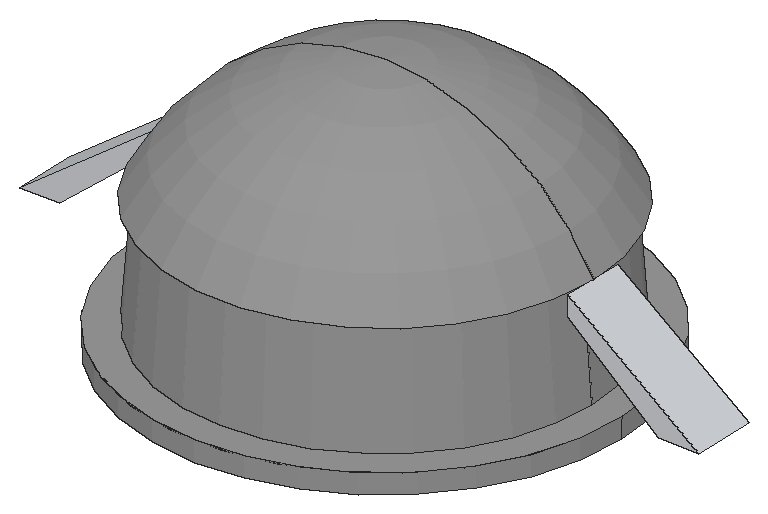
Revit family "HOLM-DOWN_LIGHT_LED_9W_O120+connect_19_4000K", category Lighting Fixtures, host Ceiling, Revit 2021
Family settings
  Host = Ceiling
  Round Connector Dimension = Use Diameter
  Part Type = Normal
  OmniClass Number = 23.80.70.11
  OmniClass Title = Luminaries for Internal Lighting
  Always vertical = Yes
  Cut with Voids When Loaded = No
  Light Source = Yes
  Shared = No
  Room Calculation Point = No
Parameters (values of type "Type 1")
  Wattage = 5.38568 W
  built-in parameter 1150110 = 1 (stored number, unit not read)
  URL = "https://www.lucera.fr/"
  built-in parameter 1114217 = 1 (stored number, unit not read)
  Tilt Angle = 90.00°
  built-in parameter 1150109 = 1 (stored number, unit not read)
  built-in parameter 1150134 = 12
  built-in parameter 1150113 = 1 (stored number, unit not read)
  SDCM = "3"
  Puissance nominale = "8,5W"
  Photometric Web File = "google_eulumdat_converter.ies"
  Matériau = "Aluminium"
  Manufacturer = "Lucera - Lucera (c) 06/01/2021 16:39:35 +01:00"  # constant formula
  Maintien du flux = "L80B10 (50 000 heures)"
  Lumens = 800 lm
  built-in parameter 1150115 = 1 (stored number, unit not read)
  built-in parameter 1150105 = 63.662 (stored number, unit not read)
  built-in parameter 1150137 = (empty or 0)
  built-in parameter 1150139 = (empty or 0)
  built-in parameter 1150112 = 1 (stored number, unit not read)
  built-in parameter 1150114 = 1 (stored number, unit not read)
  Lamp = "LED XC-COB Bridgelux 2630"
  built-in parameter 1150132 = 2
  built-in parameter 1150102 = (empty or 0)
  built-in parameter 1150138 = (empty or 0)
  built-in parameter 1150107 = 4000 (stored number, unit not read)
  built-in parameter 1150106 = 0.63662 (stored number, unit not read)
  IRC = ">90"
  built-in parameter 1150104 = 13.8 (stored number, unit not read)
  Durée de vie = "50 000 heures"
  Driver = "Driver Lifud TUV CE CCC"
  Dimming Lamp Color Temperature Shift = <None>
  Dimensions = "Ø 120 mm, H = 65 mm"
  Dimension découpe = "Ø 100-110 mm"
  Default Elevation = 0 mm
  Couleur = "Blanc"
  Color Filter = 16777215
  built-in parameter 1114218 = 1 (stored number, unit not read)
  built-in parameter 1150133 = 10 (stored number, unit not read)
  Angle d'éclairage = "60°"
  Alimentation luminaire = "25-42V dc / 200mA"
  Alimentation Driver = "AC 220-240V"
Reference planes
  plane 1 "Light Source Axis (F/B)": y = 0
  plane 2: z = 0
  plane 3 "Light Source Axis (L/R)": x = 0
  plane 4 "Ceiling": z = 4000
  plane 5 "Light Source Elevation": z = 3991.357
Forms (mm)
  Revolve 1, solid, material "Aluminum, Gris"
    sketch origin (0, 0, 0) x (1, 0, 0) y (0, 0, 1)
      loop
        line (-52.743, 4028.603) -> (0, 4028.603) -> (0, 4060)
        arc (0, 4060) -> (-30.691, 4051.557) -> (-52.743, 4028.603) r 60
      axis (0, 4060) -> (0, 4028.603)
    angle from 0 to 360
  Extrusion 2, solid, material "Aluminum, Blanc"
    sketch origin (0, 0, 4000) x (0, 1, 0) y (-1, 0, 0)
      loop
        circle (0, 0) r 60
      loop
        circle (0, 0) r 35
    from -5 to 0
  Blend 3, solid, material "Aluminum, Blanc"
    base sketch origin (0, 0, 4000) x (0, 1, 0) y (-1, 0, 0)
      loop
        circle (0, 0) r 52.255
    top sketch origin (0, 0, 4000) x (0, 1, 0) y (-1, 0, 0)
      loop
        circle (0, 0) r 50
    from 0 to 30
  Extrusion 4, solid
    sketch origin (0, 0, 0) x (1, 0, 0) y (0, 0, 1)
      loop
        line (52.743, 4028.603) -> (52.743, 4023.603) -> (75.725, 4004.319) -> (85.725, 4004.319) -> (52.743, 4028.603)
    from -7.679 to 8.034
  Extrusion 5, solid
    sketch origin (0, 0, 0) x (-1, 0, 0) y (0, 0, -1)
      loop
        line (52.743, -4028.603) -> (85.725, -4004.319) -> (75.725, -4004.319) -> (52.743, -4023.603) -> (52.743, -4028.603)
    from -7.679 to 8.034
  Extrusion 6, solid, material "Glass, White, High Luminance"
    sketch origin (0, 0, 4000) x (0, 1, 0) y (-1, 0, 0)
      loop
        circle (0, 0) r 35
    from -5 to 0
Lines and regions (mm)
  reference lines
    curve 1: line (0, 0, 4000) -> (60, 0, 4000)
    curve 2: line (0, 0, 3995) -> (0, 0, 4060)
Dimensions and locks
  equal spacing: host sketch curve, plane 3 "Light Source Axis (L/R)", host sketch curve
  equal spacing: host sketch curve, plane 1 "Light Source Axis (F/B)", host sketch curve
  host sketch curve to host sketch curve = 4000 mm  (x2)
  plane 4 "Ceiling" to host ceiling = 0 mm
  aligned and locked: plane 1 "Light Source Axis (F/B)" to imposter light
  aligned and locked: plane 5 "Light Source Elevation" to imposter light
